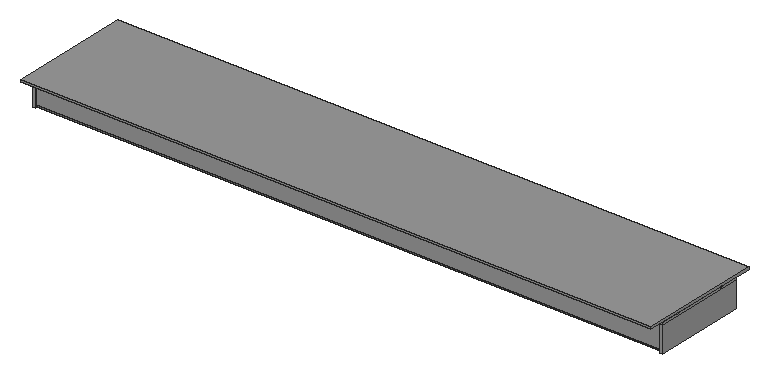
Revit family "Berica 2.2 M", category Lighting Fixtures, Revit 2020
Family settings
  Round Connector Dimension = Use Diameter
  Part Type = Normal
  OmniClass Number = 23.80.70.00
  OmniClass Title = Lighting
  Work Plane-Based = Yes
  Always vertical = No
  Cut with Voids When Loaded = No
  Light Source = No
  Shared = No
  Room Calculation Point = Yes
Parameters (values of type "Berica 2.2 K 57°x90°")
  Wiring = "-"
  Width mm = 30 mm
  Weight kg = "1.60kg"
  Vertical rotation max = 0.00°
  URL Accessories and power supply units = "https://www.lucelight.it/en/prodotto.php/135450#a-scheda-accessori"
  URL = "https://www.lucelight.it/en/prodotto.php/135450"
  URL Technical sheet = ""
  URL Image = "https://www.lucelight.it/en/prodotto-foto.php/135450"
  URL IES Photometric file = "https://www.lucelight.it/media/prodotti/fotometrie/berica_2.2_ies.zip"
  URL General code = "https://www.lucelight.it/en/prodotto.php/135450#a-generacodice"
  URL Description = "https://www.lucelight.it/en/capitolato.php/135450"
  URL DXF = "https://www.lucelight.it/media/prodotti/dxf/berica_2.2.dxf"
  URL Catalogue = ""
  Power supply unit = "built-in"
  Power supply = "230Vac"
  Power cables = ""
  Power = "54W"
  Optics = "57°x90°"
  No. and type of led = "128 mid power LEDs, 3-step MacAdam, 50 000h L80 B10 (Ta 25°C)"
  Model = "Berica 2.2"
  Manufacturer = "L&L Luce&Light"
  Light source = Light Source Berica 2.2 : K 57°x90°
  Horizontal rotation max = 0.00°
  Notes = "-"
  Mounting = "surface mounted (wall)"
  Material = "body and cover in anticorodal aluminium"
  Lumen output at source = "3280 lm (3000K) per beam"
  Description = "Wall mounted for indoor applications, double beam"
  Default Elevation = 1219.2 mm
  Body = L&L_Anticorodal aluminium
  Length mm = 620 mm
  LED Colour = "3000K"
  IP = "IP40"
  Height mm = 120 mm
  Features = "-"
  Energy efficiency class = "A A+ A++"
  Delivered lumen output = "2680 lm (3000K, 45°x96°) per beam"
  Cutout dimensions = "-"
  Control system = "ON/OFF, DALI"
  Contact = "T: +39 0444 360571; E: lucelight@lucelight.it"
  Code = "-"
  CRI = "CRI>90"
  Apparent Load Phase 1 = 4.5 W
Reference planes
  plane 1 "Light Source Axis (F/B)": y = 0
  plane 2: z = 0
  plane 3 "Light Source Axis (L/R)": x = 0
  plane 4 "Light Source Elevation": z = 30
  plane 5: y = 100
  plane 6: z = 40
  plane 7: z = 46
Lines and regions (mm)
  reference lines
    curve 1: line (0, -42.904, 45) -> (0, -42.904, 29)
Dimensions and locks
  plane 1 "Light Source Axis (F/B)" to plane 5 = 100 mm
  level to plane 4 "Light Source Elevation" = 30 mm
  aligned and locked: level to plane 2
Nested families
  nested 1: "Light Source Berica 2.2" at (-0.473, 0, 12.13) x (1, 0, 0) z (0, 1, 0), type <- "Light source", type "K 57°x90°"
  nested 2: "Berica 2.2" at (0, 0, 0), Body <- "Body", type "Berica 2.2_mod"
    with Body L&L_Anticorodal aluminium
Connectors
  electrical at (0, 0, 0), driven by "Apparent Load Phase 1"
    settings: index 1, voltage 500 V, apparent load 0 VA, apparent load phase1 4.5 VA, apparent load phase2 0 VA, apparent load phase3 0 VA, power factor 1, load classification "Lighting", number of poles 1, system type 31, power factor state 1, is connector primary yes, connector utility no, sub classification motor no, connector description ""
Definition of nested family "Berica 2.2"
  Parameters (values of type "Berica 2.2_mod")
    Default Elevation = 1219.2 mm
    Body [instance] = none
  Reference planes
    plane 1 "Light Source Axis (F/B)": y = 0
    plane 2: z = 0
    plane 3 "Light Source Axis (L/R)": x = 0
    plane 4 "Light Source Elevation": z = 40.4
    plane 5: y = 60
    plane 6: y = -60
    plane 7: x = -45
    plane 8: x = 45
    plane 9: y = 45
    plane 10: y = -45
    plane 11: y = 26
    plane 12: y = 28
    plane 13: y = -26
    plane 14: y = -28
    plane 15: x = 185
    plane 16: x = -145
    plane 17: y = 44.2
  Forms (mm)
    Extrusion 1, solid, material <- "Body", detail levels medium+fine
      sketch origin (-23.469, 36.076, 1199) x (0, 1, 0) y (0, 0, 1)
        loop
          line (23.924, -1171) -> (23.924, -1169) -> (-96.076, -1169) -> (-96.076, -1171) -> (23.924, -1171)
      from -286.531 to 333.469
    Extrusion 2, solid, material <- "Body", detail levels fine
      sketch origin (-45, 97.983, 1200.148) x (0, 1, 0) y (0, 0, 1)
        loop
          line (-69.983, -1172.148) -> (-71.983, -1172.148) -> (-71.983, -1172.948) -> (-69.983, -1172.948) -> (-69.983, -1172.148)
        loop
          line (-125.983, -1172.148) -> (-125.983, -1172.948) -> (-123.983, -1172.948) -> (-123.983, -1172.148) -> (-125.983, -1172.148)
      from -265 to 355
    Extrusion 3, solid, material <- "Body", detail levels fine
      sketch origin (-45, 97.983, 1200) x (0, 1, 0) y (0, 0, 1)
        loop
          line (-52.983, -1172.817) -> (-142.983, -1172.817) -> (-142.983, -1174.817) -> (-52.983, -1174.817) -> (-52.983, -1172.817)
      from -265 to 355
    Extrusion 4, solid, material <- "Body", detail levels fine
      sketch origin (-45, 97.983, 1192.817) x (0, 1, 0) y (0, 0, 1)
        loop
          line (-80.483, -1170.817) -> (-115.483, -1170.817) -> (-115.483, -1190.817) -> (-80.483, -1190.817) -> (-80.483, -1170.817)
      from -100 to 230
    Extrusion 5, solid, material <- "Body", detail levels fine
      sketch origin (98.512, -45, 1200) x (1, 0, 0) y (0, 0, 1)
        loop
          line (211.488, -1200) -> (211.488, -1174.817) -> (208.488, -1174.817) -> (208.488, -1200) -> (211.488, -1200)
        loop
          line (-408.512, -1200) -> (-405.512, -1200) -> (-405.512, -1174.817) -> (-408.512, -1174.817) -> (-408.512, -1200)
      from -90 to 0
    Extrusion 6, solid, material <- "Body", detail levels coarse
      sketch origin (-23.469, 36.076, 1200) x (0, 1, 0) y (0, 0, 1)
        loop
          line (23.924, -1200) -> (23.924, -1170) -> (-96.076, -1170) -> (-96.076, -1200) -> (23.924, -1200)
      from -286.531 to 333.469
    Extrusion 7, solid, material <- "Body", detail levels medium
      sketch origin (-23.469, 36.076, 1200) x (0, 1, 0) y (0, 0, 1)
        loop
          line (8.924, -1200) -> (8.924, -1172) -> (-81.076, -1172) -> (-81.076, -1200) -> (8.924, -1200)
      from -286.531 to 333.469
    Extrusion 8, solid, material <- "Body", detail levels fine
      sketch origin (-45, 97.983, 1200) x (0, 1, 0) y (0, 0, 1)
        loop
          line (-53.783, -1174.817) -> (-56.283, -1174.817) -> (-56.283, -1200) -> (-55.426, -1200) -> (-54.329, -1199.489) -> (-53.783, -1198.317) -> (-53.783, -1174.817)
        loop
          line (-142.183, -1174.817) -> (-142.183, -1198.317) -> (-141.636, -1199.489) -> (-140.54, -1200) -> (-139.683, -1200) -> (-139.683, -1174.817) -> (-142.183, -1174.817)
      from -262 to 352
    Extrusion 9, solid, material <- "Body", detail levels fine
      sketch origin (98.512, -112.7, 1200) x (1, 0, 0) y (0, 0, 1)
        loop
          line (208.488, -1200) -> (208.488, -1198) -> (-405.512, -1198) -> (-405.512, -1200) -> (208.488, -1200)
      from -71 to -154.4
  Dimensions and locks
    level to plane 4 "Light Source Elevation" = 40.4 mm
    plane 9 to plane 1 "Light Source Axis (F/B)" = 45 mm
    plane 6 to plane 5 = 120 mm
    Extrusion 6 to Extrusion 6 = 30 mm
    aligned and locked: level to plane 2
    aligned and locked: plane 6 to Extrusion 1
    aligned and locked: Extrusion 1 to plane 5
    aligned and locked: plane 15 to Extrusion 4
    aligned and locked: Extrusion 4 to plane 16
Definition of nested family "Light Source Berica 2.2"
  Parameters (values of type "L 45°x96°")
    Wattage = 22.0813 W
    built-in parameter 1150110 = 1 (stored number, unit not read)
    built-in parameter 1114217 = 1 (stored number, unit not read)
    Tilt Angle = -90.00°
    built-in parameter 1150109 = 1 (stored number, unit not read)
    built-in parameter 1150134 = (empty or 0)
    built-in parameter 1150113 = 1 (stored number, unit not read)
    Photometric Web File = "BERICA 2.2 L 45°x96° [3000K 54W 230Vac].IES"
    built-in parameter 1150142 = "IESNA:LM-63-2002\r\n[TEST] 20201109-0833\r\n[TESTLAB] L&L\r\n[TESTDATE] 9 Nov 2020\r\n[ISSUEDATE] 9 Nov 2020\r\n[MANUFAC] L&L\r\n[LUMCAT] BERICA 2.2 L 45°x96° [3000K 54W 230Vac]\r\n[LUMINAIRE] BERICA 2.2 L 45°x96° [3000K 54W 230Vac]\r\n[FLASHAREA] 0.002806\r\n[LAMPCAT] Midpower LED\r\n[LAMP] Midpower LED\r\nTILT=NONE\r\n128 41.81 1.0 181 73 1 2 0.580 0.020 0.000\r\n1.00 1.00 54.00\r\n0.00 1.00 2.00 3.00 4.00 5.00 6.00 7.00 8.00 9.00 10.00 \r\n11.00 12.00 13.00 14.00 15.00 16.00 17.00 18.00 19.00 \r\n20.00 21.00 22.00 23.00 24.00 25.00 26.00 27.00 28.00 \r\n29.00 30.00 31.00 32.00 33.00 34.00 35.00 36.00 37.00 \r\n38.00 39.00 40.00 41.00 42.00 43.00 44.00 45.00 46.00 \r\n47.00 48.00 49.00 50.00 51.00 52.00 53.00 54.00 55.00 \r\n56.00 57.00 58.00 59.00 60.00 61.00 62.00 63.00 64.00 \r\n65.00 66.00 67.00 68.00 69.00 70.00 71.00 72.00 73.00 \r\n74.00 75.00 76.00 77.00 78.00 79.00 80.00 81.00 82.00 \r\n83.00 84.00 85.00 86.00 87.00 88.00 89.00 90.00 91.00 \r\n92.00 93.00 94.00 95.00 96.00 97.00 98.00 99.00 100.00 \r\n101.00 102.00 103.00 104.00 105.00 106.00 107.00 108.00 \r\n109.00 110.00 111.00 112.00 113.00 114.00 115.00 116.00 \r\n117.00 118.00 119.00 120.00 121.00 122.00 123.00 124.00 \r\n125.00 126.00 127.00 128.00 129.00 130.00 131.00 132.00 \r\n133.00 134.00 135.00 136.00 137.00 138.00 139.00 140.00 \r\n141.00 142.00 143.00 144.00 145.00 146.00 147.00 148.00 \r\n149.00 150.00 151.00 152.00 153.00 154.00 155.00 156.00 \r\n157.00 158.00 159.00 160.00 161.00 162.00 163.00 164.00 \r\n165.00 166.00 167.00 168.00 169.00 170.00 171.00 172.00 \r\n173.00 174.00 175.00 176.00 177.00 178.00 179.00 180.00 \r\n0.00 5.00 10.00 15.00 20.00 25.00 30.00 35.00 40.00 45.00 \r\n50.00 55.00 60.00 65.00 70.00 75.00 80.00 85.00 90.00 \r\n95.00 100.00 105.00 110.00 115.00 120.00 125.00 130.00 \r\n135.00 140.00 145.00 150.00 155.00 160.00 165.00 170.00 \r\n175.00 180.00 185.00 190.00 195.00 200.00 205.00 210.00 \r\n215.00 220.00 225.00 230.00 235.00 240.00 245.00 250.00 \r\n255.00 260.00 265.00 270.00 275.00 280.00 285.00 290.00 \r\n295.00 300.00 305.00 310.00 315.00 320.00 325.00 330.00 \r\n335.00 340.00 345.00 350.00 355.00 360.00 \r\n1796.12 1786.35 1769.99 1752.78 1729.20 1704.84 1671.74 \r\n1637.86 1598.77 1557.98 1513.80 1469.15 1415.88 1363.73 \r\n1299.13 1245.07 1190.02 1121.43 1062.67 999.68 941.93 \r\n881.17 822.54 766.03 713.82 651.53 589.59 502.93 443.52 \r\n399.52 365.42 329.66 264.45 221.39 186.71 156.95 134.21 \r\n117.87 101.80 82.65 68.46 60.18 50.50 41.31 32.00 28.31 \r\n25.59 22.98 20.06 17.12 14.28 10.59 7.14 3.37 0.90 0.14 \r\n0.12 0.10 0.09 0.09 0.09 0.09 0.09 0.09 0.10 0.10 0.11 \r\n0.12 0.14 0.16 0.19 0.23 0.27 0.30 0.31 0.32 0.33 0.34 \r\n0.35 0.35 0.36 0.37 0.37 0.37 0.37 0.37 0.36 0.36 0.36 \r\n0.36 0.36 0.36 0.36 0.36 0.36 0.37 0.37 0.37 0.37 0.37 \r\n0.36 0.35 0.35 0.34 0.33 0.32 0.31 0.30 0.27 0.23 0.19 \r\n0.16 0.14 0.12 0.11 0.10 0.10 0.09 0.09 0.09 0.09 0.09 \r\n0.09 0.10 0.12 0.14 0.90 3.37 7.14 10.59 14.28 17.12 \r\n20.06 22.98 25.59 28.31 32.00 41.31 50.50 60.18 68.46 \r\n82.65 101.80 117.87 134.21 156.95 186.71 221.39 264.45 \r\n329.66 365.42 399.52 443.52 502.93 589.59 651.53 713.82 \r\n766.03 822.54 881.17 941.93 999.68 1062.67 1121.43 \r\n1190.02 1245.07 1299.13 1363.73 1415.88 1469.15 1513.80 \r\n1557.98 1598.77 1637.86 1671.74 1704.84 1729.20 1752.78 \r\n1769.99 1786.35 1796.12 \r\n1796.12 1785.76 1773.49 1754.32 1734.49 1709.56 1677.73 \r\n1643.44 1607.57 1568.27 1525.35 1480.58 1429.06 1381.69 \r\n1317.44 1265.90 1205.54 1143.43 1080.30 1021.67 962.06 \r\n901.29 844.17 786.42 732.60 673.97 613.49 537.27 463.58 \r\n415.00 378.65 344.95 292.38 236.51 198.19 168.70 142.82 \r\n124.02 108.76 90.28 72.97 64.03 54.69 45.42 34.76 29.57 \r\n26.67 24.18 21.44 18.41 15.41 12.10 8.64 5.00 1.90 0.21 \r\n0.12 0.10 0.08 0.07 0.07 0.07 0.07 0.07 0.07 0.08 0.08 \r\n0.09 0.09 0.10 0.11 0.13 0.15 0.17 0.19 0.20 0.22 0.24 \r\n0.25 0.27 0.28 0.29 0.30 0.31 0.32 0.32 0.32 0.32 0.33 \r\n0.33 0.33 0.33 0.33 0.32 0.32 0.32 0.32 0.31 0.30 0.29 \r\n0.28 0.27 0.25 0.24 0.22 0.20 0.19 0.17 0.15 0.13 0.11 \r\n0.10 0.09 0.09 0.08 0.08 0.07 0.07 0.07 0.07 0.07 0.07 \r\n0.08 0.10 0.12 0.21 1.90 5.00 8.64 12.10 15.41 18.41 \r\n21.44 24.18 26.67 29.57 34.76 45.42 54.69 64.03 72.97 \r\n90.28 108.76 124.02 142.82 168.70 198.19 236.51 292.38 \r\n344.95 378.65 415.00 463.58 537.27 613.49 673.97 732.60 \r\n786.42 844.17 901.29 962.06 1021.67 1080.30 1143.43 \r\n1205.54 1265.90 1317.44 1381.69 1429.06 1480.58 1525.35 \r\n1568.27 1607.57 1643.44 1677.73 1709.56 1734.49 1754.32 \r\n1773.49 1785.76 1796.12 \r\n1796.12 1786.50 1772.68 1754.25 1734.55 1710.69 1678.81 \r\n1646.78 1609.06 1572.10 1529.88 1481.34 1436.03 1381.27 \r\n1329.32 1272.12 1212.57 1154.24 1091.43 1032.92 973.99 \r\n913.36 852.52 797.19 741.10 689.80 628.52 558.14 479.23 \r\n425.87 390.08 355.92 313.18 249.58 209.05 177.77 150.47 \r\n129.17 113.86 97.06 78.35 66.75 57.93 48.44 38.08 30.70 \r\n27.74 25.14 22.27 19.44 16.56 13.17 9.81 6.27 2.55 0.61 \r\n0.13 0.10 0.08 0.07 0.06 0.06 0.06 0.07 0.07 0.07 0.07 \r\n0.07 0.08 0.08 0.09 0.10 0.11 0.12 0.14 0.15 0.17 0.19 \r\n0.20 0.22 0.23 0.25 0.26 0.28 0.29 0.30 0.30 0.31 0.31 \r\n0.32 0.32 0.32 0.31 0.31 0.30 0.30 0.29 0.28 0.26 0.25 \r\n0.23 0.22 0.20 0.19 0.17 0.15 0.14 0.12 0.11 0.10 0.09 \r\n0.08 0.08 0.07 0.07 0.07 0.07 0.07 0.06 0.06 0.06 0.07 \r\n0.08 0.10 0.13 0.61 2.55 6.27 9.81 13.17 16.56 19.44 \r\n22.27 25.14 27.74 30.70 38.08 48.44 57.93 66.75 78.35 \r\n97.06 113.86 129.17 150.47 177.77 209.05 249.58 313.18 \r\n355.92 390.08 425.87 479.23 558.14 628.52 689.80 741.10 \r\n797.19 852.52 913.36 973.99 1032.92 1091.43 1154.24 \r\n1212.57 1272.12 1329.32 1381.27 1436.03 1481.34 1529.88 \r\n1572.10 1609.06 1646.78 1678.81 1710.69 1734.55 1754.25 \r\n1772.68 1786.50 1796.12 \r\n1796.12 1786.11 1772.26 1755.21 1735.54 1712.28 1682.27 \r\n1649.36 1611.30 1576.65 1532.74 1491.32 1446.22 1394.39 \r\n1339.52 1284.05 1229.72 1165.40 1109.60 1049.79 986.60 \r\n930.65 872.03 816.88 762.63 708.31 654.12 582.62 511.26 \r\n447.49 405.78 373.15 336.21 277.28 227.81 196.26 164.69 \r\n141.09 122.62 107.50 87.07 72.71 63.97 54.33 44.44 33.64 \r\n29.42 26.40 24.01 21.08 18.12 15.05 11.56 8.21 4.40 1.60 \r\n0.18 0.11 0.09 0.07 0.06 0.06 0.06 0.06 0.06 0.06 0.06 \r\n0.06 0.07 0.07 0.07 0.08 0.08 0.09 0.10 0.10 0.11 0.12 \r\n0.14 0.15 0.16 0.17 0.18 0.19 0.20 0.21 0.22 0.23 0.23 \r\n0.23 0.23 0.23 0.23 0.23 0.22 0.21 0.20 0.19 0.18 0.17 \r\n0.16 0.15 0.14 0.12 0.11 0.10 0.10 0.09 0.08 0.08 0.07 \r\n0.07 0.07 0.06 0.06 0.06 0.06 0.06 0.06 0.06 0.06 0.07 \r\n0.09 0.11 0.18 1.60 4.40 8.21 11.56 15.05 18.12 21.08 \r\n24.01 26.40 29.42 33.64 44.44 54.33 63.97 72.71 87.07 \r\n107.50 122.62 141.09 164.69 196.26 227.81 277.28 336.21 \r\n373.15 405.78 447.49 511.26 582.62 654.12 708.31 762.63 \r\n816.88 872.03 930.65 986.60 1049.79 1109.60 1165.40 \r\n1229.72 1284.05 1339.52 1394.39 1446.22 1491.32 1532.74 \r\n1576.65 1611.30 1649.36 1682.27 1712.28 1735.54 1755.21 \r\n1772.26 1786.11 1796.12 \r\n1796.12 1786.79 1773.85 1757.03 1737.30 1715.75 1684.87 \r\n1657.05 1620.24 1584.70 1544.20 1501.78 1458.31 1407.15 \r\n1355.71 1303.54 1246.79 1188.76 1131.95 1070.79 1015.36 \r\n954.29 900.83 843.80 788.47 738.23 685.05 627.75 556.56 \r\n486.05 432.00 394.75 361.93 323.33 261.49 220.62 187.47 \r\n160.50 136.97 120.92 104.63 84.12 71.38 61.93 53.19 41.80 \r\n32.51 28.70 25.97 23.21 20.28 17.40 14.19 10.79 7.35 3.53 \r\n1.07 0.15 0.11 0.08 0.07 0.06 0.06 0.06 0.06 0.06 0.06 \r\n0.06 0.06 0.06 0.07 0.07 0.07 0.07 0.08 0.08 0.08 0.09 \r\n0.09 0.09 0.10 0.10 0.11 0.11 0.12 0.12 0.12 0.12 0.13 \r\n0.13 0.13 0.13 0.13 0.12 0.12 0.12 0.12 0.11 0.11 0.10 \r\n0.10 0.09 0.09 0.09 0.08 0.08 0.08 0.07 0.07 0.07 0.07 \r\n0.06 0.06 0.06 0.06 0.06 0.06 0.06 0.06 0.06 0.07 0.08 \r\n0.11 0.15 1.07 3.53 7.35 10.79 14.19 17.40 20.28 23.21 \r\n25.97 28.70 32.51 41.80 53.19 61.93 71.38 84.12 104.63 \r\n120.92 136.97 160.50 187.47 220.62 261.49 323.33 361.93 \r\n394.75 432.00 486.05 556.56 627.75 685.05 738.23 788.47 \r\n843.80 900.83 954.29 1015.36 1070.79 1131.95 1188.76 \r\n1246.79 1303.54 1355.71 1407.15 1458.31 1501.78 1544.20 \r\n1584.70 1620.24 1657.05 1684.87 1715.75 1737.30 1757.03 \r\n1773.85 1786.79 1796.12 \r\n1796.12 1786.85 1774.27 1757.87 1740.60 1717.49 1692.35 \r\n1663.36 1627.68 1593.76 1555.73 1518.59 1472.78 1427.58 \r\n1377.24 1325.26 1270.14 1216.67 1162.10 1103.58 1047.00 \r\n988.10 936.40 878.16 825.05 773.40 722.94 669.29 614.68 \r\n543.69 477.79 425.80 391.37 360.43 320.34 262.86 222.79 \r\n188.79 161.48 139.11 122.59 106.99 85.20 72.04 63.26 \r\n53.22 43.41 32.18 28.48 25.87 23.14 20.17 17.41 14.13 \r\n10.79 7.26 3.39 0.90 0.17 0.12 0.09 0.07 0.07 0.07 0.07 \r\n0.07 0.06 0.06 0.06 0.06 0.06 0.06 0.06 0.06 0.07 0.07 \r\n0.07 0.07 0.07 0.07 0.07 0.07 0.07 0.07 0.08 0.08 0.08 \r\n0.08 0.08 0.08 0.08 0.08 0.08 0.08 0.08 0.08 0.08 0.07 \r\n0.07 0.07 0.07 0.07 0.07 0.07 0.07 0.07 0.07 0.06 0.06 \r\n0.06 0.06 0.06 0.06 0.06 0.06 0.07 0.07 0.07 0.07 0.07 \r\n0.09 0.12 0.17 0.90 3.39 7.26 10.79 14.13 17.41 20.17 \r\n23.14 25.87 28.48 32.18 43.41 53.22 63.26 72.04 85.20 \r\n106.99 122.59 139.11 161.48 188.79 222.79 262.86 320.34 \r\n360.43 391.37 425.80 477.79 543.69 614.68 669.29 722.94 \r\n773.40 825.05 878.16 936.40 988.10 1047.00 1103.58 \r\n1162.10 1216.67 1270.14 1325.26 1377.24 1427.58 1472.78 \r\n1518.59 1555.73 1593.76 1627.68 1663.36 1692.35 1717.49 \r\n1740.60 1757.87 1774.27 1786.85 1796.12 \r\n1796.12 1787.58 1776.30 1760.72 1743.24 1723.94 1700.81 \r\n1670.31 1639.30 1608.45 1572.19 1534.81 1492.26 1447.96 \r\n1404.25 1351.04 1304.79 1250.37 1199.72 1143.41 1086.74 \r\n1032.62 978.12 924.51 870.00 818.02 766.47 717.80 667.97 \r\n616.01 550.74 485.61 431.71 395.34 363.83 330.92 275.74 \r\n232.64 201.09 170.47 147.95 128.71 113.61 92.17 76.25 \r\n66.70 57.15 47.23 34.77 29.27 26.41 23.70 20.67 17.98 \r\n14.75 11.52 7.91 4.29 1.37 0.22 0.14 0.11 0.08 0.08 0.08 \r\n0.07 0.07 0.07 0.07 0.07 0.07 0.07 0.07 0.06 0.06 0.06 \r\n0.06 0.06 0.06 0.06 0.06 0.06 0.06 0.06 0.06 0.06 0.06 \r\n0.06 0.06 0.06 0.06 0.06 0.06 0.06 0.06 0.06 0.06 0.06 \r\n0.06 0.06 0.06 0.06 0.06 0.06 0.06 0.06 0.06 0.06 0.07 \r\n0.07 0.07 0.07 0.07 0.07 0.07 0.07 0.08 0.08 0.08 0.11 \r\n0.14 0.22 1.37 4.29 7.91 11.52 14.75 17.98 20.67 23.70 \r\n26.41 29.27 34.77 47.23 57.15 66.70 76.25 92.17 113.61 \r\n128.71 147.95 170.47 201.09 232.64 275.74 330.92 363.83 \r\n395.34 431.71 485.61 550.74 616.01 667.97 717.80 766.47 \r\n818.02 870.00 924.51 978.12 1032.62 1086.74 1143.41 \r\n1199.72 1250.37 1304.79 1351.04 1404.25 1447.96 1492.26 \r\n1534.81 1572.19 1608.45 1639.30 1670.31 1700.81 1723.94 \r\n1743.24 1760.72 1776.30 1787.58 1796.12 \r\n1796.12 1787.68 1777.27 1761.37 1746.13 1728.65 1705.53 \r\n1682.06 1651.09 1621.00 1587.98 1552.91 1514.44 1473.30 \r\n1429.64 1383.92 1339.22 1287.37 1242.43 1187.27 1137.27 \r\n1080.22 1028.34 975.63 919.63 869.94 818.41 769.45 723.66 \r\n677.88 626.83 569.26 506.37 448.94 408.84 376.21 347.67 \r\n304.43 253.06 221.14 189.24 162.52 140.69 124.43 105.94 \r\n86.38 72.65 64.18 54.71 41.77 31.29 27.45 25.00 22.01 \r\n19.20 16.25 13.05 9.75 6.00 2.62 0.33 0.18 0.13 0.10 0.09 \r\n0.09 0.08 0.08 0.08 0.08 0.08 0.07 0.07 0.07 0.07 0.07 \r\n0.07 0.06 0.06 0.06 0.06 0.06 0.06 0.06 0.06 0.06 0.06 \r\n0.06 0.06 0.06 0.06 0.06 0.06 0.06 0.06 0.06 0.06 0.06 \r\n0.06 0.06 0.06 0.06 0.06 0.06 0.07 0.07 0.07 0.07 0.07 \r\n0.07 0.08 0.08 0.08 0.08 0.08 0.09 0.09 0.10 0.13 0.18 \r\n0.33 2.62 6.00 9.75 13.05 16.25 19.20 22.01 25.00 27.45 \r\n31.29 41.77 54.71 64.18 72.65 86.38 105.94 124.43 140.69 \r\n162.52 189.24 221.14 253.06 304.43 347.67 376.21 408.84 \r\n448.94 506.37 569.26 626.83 677.88 723.66 769.45 818.41 \r\n869.94 919.63 975.63 1028.34 1080.22 1137.27 1187.27 \r\n1242.43 1287.37 1339.22 1383.92 1429.64 1473.30 1514.44 \r\n1552.91 1587.98 1621.00 1651.09 1682.06 1705.53 1728.65 \r\n1746.13 1761.37 1777.27 1787.68 1796.12 \r\n1796.12 1788.37 1777.78 1763.93 1750.22 1734.02 1714.69 \r\n1691.88 1664.14 1636.84 1604.26 1572.86 1537.67 1503.02 \r\n1460.47 1419.35 1376.80 1331.88 1283.48 1236.19 1189.09 \r\n1134.02 1088.13 1031.58 982.05 929.58 880.06 829.58 \r\n782.69 739.65 694.57 650.48 602.69 549.19 482.68 434.55 \r\n398.05 369.32 340.08 299.22 250.57 219.13 187.91 162.35 \r\n141.49 123.98 106.08 85.32 73.39 64.05 53.41 40.39 30.16 \r\n26.57 24.12 21.15 18.35 15.38 12.06 8.63 4.81 1.47 0.25 \r\n0.17 0.13 0.11 0.10 0.10 0.10 0.09 0.09 0.09 0.09 0.08 \r\n0.08 0.08 0.08 0.08 0.08 0.07 0.07 0.07 0.07 0.07 0.07 \r\n0.07 0.07 0.07 0.07 0.07 0.07 0.07 0.07 0.07 0.07 0.07 \r\n0.07 0.07 0.07 0.07 0.07 0.07 0.08 0.08 0.08 0.08 0.08 \r\n0.08 0.09 0.09 0.09 0.09 0.10 0.10 0.10 0.11 0.13 0.17 \r\n0.25 1.47 4.81 8.63 12.06 15.38 18.35 21.15 24.12 26.57 \r\n30.16 40.39 53.41 64.05 73.39 85.32 106.08 123.98 141.49 \r\n162.35 187.91 219.13 250.57 299.22 340.08 369.32 398.05 \r\n434.55 482.68 549.19 602.69 650.48 694.57 739.65 782.69 \r\n829.58 880.06 929.58 982.05 1031.58 1088.13 1134.02 \r\n1189.09 1236.19 1283.48 1331.88 1376.80 1419.35 1460.47 \r\n1503.02 1537.67 1572.86 1604.26 1636.84 1664.14 1691.88 \r\n1714.69 1734.02 1750.22 1763.93 1777.78 1788.37 1796.12 \r\n1796.12 1788.73 1780.24 1767.55 1753.33 1738.68 1722.49 \r\n1701.37 1677.98 1651.49 1625.00 1594.31 1562.53 1530.52 \r\n1493.98 1458.57 1416.16 1376.88 1332.24 1288.48 1241.84 \r\n1195.97 1147.06 1100.46 1048.12 1000.96 948.08 902.12 \r\n852.12 806.31 766.73 721.29 680.60 638.03 594.73 539.25 \r\n486.10 436.75 398.80 370.02 343.40 312.01 264.83 230.30 \r\n198.85 171.36 148.39 131.15 112.81 93.70 76.78 67.25 \r\n55.93 42.62 30.56 26.64 24.02 21.15 18.30 15.14 11.99 \r\n8.46 4.66 0.94 0.25 0.18 0.14 0.13 0.12 0.12 0.12 0.12 \r\n0.11 0.11 0.11 0.11 0.10 0.10 0.10 0.10 0.10 0.09 0.09 \r\n0.09 0.09 0.09 0.09 0.09 0.09 0.08 0.08 0.08 0.09 0.09 \r\n0.09 0.09 0.09 0.09 0.09 0.09 0.10 0.10 0.10 0.10 0.10 \r\n0.11 0.11 0.11 0.11 0.12 0.12 0.12 0.12 0.13 0.14 0.18 \r\n0.25 0.94 4.66 8.46 11.99 15.14 18.30 21.15 24.02 26.64 \r\n30.56 42.62 55.93 67.25 76.78 93.70 112.81 131.15 148.39 \r\n171.36 198.85 230.30 264.83 312.01 343.40 370.02 398.80 \r\n436.75 486.10 539.25 594.73 638.03 680.60 721.29 766.73 \r\n806.31 852.12 902.12 948.08 1000.96 1048.12 1100.46 \r\n1147.06 1195.97 1241.84 1288.48 1332.24 1376.88 1416.16 \r\n1458.57 1493.98 1530.52 1562.53 1594.31 1625.00 1651.49 \r\n1677.98 1701.37 1722.49 1738.68 1753.33 1767.55 1780.24 \r\n1788.73 1796.12 \r\n1796.12 1789.46 1781.30 1770.38 1757.76 1744.27 1730.85 \r\n1713.49 1692.51 1670.64 1644.22 1618.45 1590.07 1561.33 \r\n1526.56 1494.59 1457.48 1422.72 1384.98 1342.22 1301.74 \r\n1258.93 1216.14 1168.05 1123.56 1077.33 1029.11 980.61 \r\n934.23 889.28 845.65 801.45 759.52 717.25 676.78 637.20 \r\n601.57 557.99 506.80 456.09 412.73 383.83 353.97 330.50 \r\n295.09 253.21 221.31 192.04 167.94 143.91 126.73 107.93 \r\n85.74 72.64 63.04 50.10 36.84 27.38 24.45 21.71 18.59 \r\n15.82 12.37 9.25 5.24 1.64 0.49 0.39 0.33 0.29 0.26 0.24 \r\n0.21 0.19 0.17 0.15 0.14 0.13 0.12 0.12 0.12 0.11 0.11 \r\n0.11 0.11 0.11 0.11 0.10 0.10 0.10 0.10 0.10 0.10 0.10 \r\n0.11 0.11 0.11 0.11 0.11 0.11 0.12 0.12 0.12 0.13 0.14 \r\n0.15 0.17 0.19 0.21 0.24 0.26 0.29 0.33 0.39 0.49 1.64 \r\n5.24 9.25 12.37 15.82 18.59 21.71 24.45 27.38 36.84 50.10 \r\n63.04 72.64 85.74 107.93 126.73 143.91 167.94 192.04 \r\n221.31 253.21 295.09 330.50 353.97 383.83 412.73 456.09 \r\n506.80 557.99 601.57 637.20 676.78 717.25 759.52 801.45 \r\n845.65 889.28 934.23 980.61 1029.11 1077.33 1123.56 \r\n1168.05 1216.14 1258.93 1301.74 1342.22 1384.98 1422.72 \r\n1457.48 1494.59 1526.56 1561.33 1590.07 1618.45 1644.22 \r\n1670.64 1692.51 1713.49 1730.85 1744.27 1757.76 1770.38 \r\n1781.30 1789.46 1796.12 \r\n1796.12 1790.84 1782.96 1773.58 1761.75 1751.03 1737.48 \r\n1723.71 1706.02 1686.52 1664.67 1641.53 1615.50 1590.27 \r\n1560.14 1532.42 1500.66 1468.63 1433.64 1399.64 1360.80 \r\n1323.87 1284.20 1242.16 1200.02 1155.72 1113.29 1068.47 \r\n1024.16 981.05 933.96 892.90 849.23 806.26 765.00 725.33 \r\n687.83 651.49 615.55 581.68 539.15 495.60 448.06 408.26 \r\n378.66 349.71 327.17 298.28 260.89 226.74 198.50 172.27 \r\n148.02 127.38 108.86 87.61 72.51 61.92 49.29 34.31 25.73 \r\n22.83 20.01 17.05 13.88 10.73 7.38 3.47 1.39 1.19 1.06 \r\n0.96 0.86 0.77 0.68 0.58 0.50 0.41 0.33 0.26 0.20 0.16 \r\n0.14 0.14 0.13 0.13 0.13 0.13 0.13 0.13 0.13 0.13 0.13 \r\n0.13 0.13 0.13 0.13 0.14 0.14 0.16 0.20 0.26 0.33 0.41 \r\n0.50 0.58 0.68 0.77 0.86 0.96 1.06 1.19 1.39 3.47 7.38 \r\n10.73 13.88 17.05 20.01 22.83
